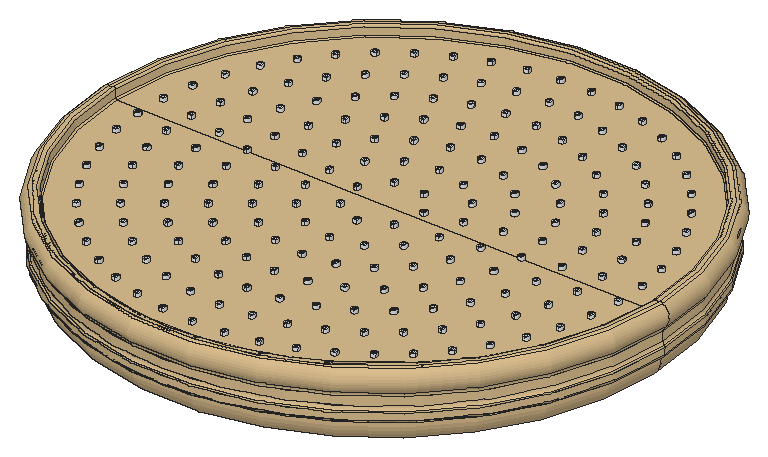
Revit family "Shower-Showerhead-KOHLER-KATALYST-K-15993T_1", category Plumbing Fixtures, host Face, Revit 2017
Family settings
  Host = Face
  Round Connector Dimension = Use Diameter
  Part Type = Normal
  OmniClass Number = 23.31.17.00
  OmniClass Title = Showers
  Cut with Voids When Loaded = No
  Shared = No
  Room Calculation Point = No
Parameters (values of type "PGD-Eternal Gold")
  Width = 12 111/256"  # constant formula
  WaterSense Certified = 1 = 0  # no
  Waste Water Outlet = "Waste Water Outlet"  # constant formula
  Waste Connection = 1 = 0  # no
  Vent Connection = 1 = 0  # no
  URL = "http://www.kohler.com.cn/"
  Type = 1
  Product Page URL = "https://www.kohler.com.cn/product/K-15993T-CL-CP/K-15993T-CL-PGD/"
  Product Name = "Katalyst"  # constant formula
  Product Documentation Link = "https://files.kohler.com.cn/pdfs/15994T.pdf"
  Pressure = 72.50 psi  # constant formula
  Model = if(Type = 1, "K-15993T-CL-PGD", if(Type = 2, "K-15993T-CL-SN", if(Type = 3, "K-15993T-CL-BN", if(Type = 4, "K-15993T-CL-AF", if(Type = 5, "K-15993T-CL-CP", "NA")))))  # "K-15993T-CL-PGD"
  Material = "Premium Metal Construction"  # constant formula
  Master Format 2014 Name = "Residential Showers"  # constant formula
  Master Format 2014 = "22 42 23"  # constant formula
  Manufacturer Address = "Kohler Beijing Office (100016) 36-2-03-B, No. 88, Liuxiang Road, Beijing"  # constant formula
  Manufacturer = "KOHLER Co."  # constant formula
  Length = 12 111/256"  # constant formula
  Hot Water Inlet = "Tempered Water Inlet"  # constant formula
  Height = 3 119/256"  # constant formula
  HW Connection = 1 = 1  # yes
  Flow Rate = 0 GPM
  Finish = Kohler-Metal-PGD-Eternal_Gold
  Environmental Product Declaration = ""
  Drain Included = 1 = 0  # no
  Description = "Air Showerhead Rain Shower 12 inch"  # constant formula
  Default Elevation = 0"
  Declare Label = ""
  Date Modified = "09/28/2020"  # constant formula
  Date Created = "09/28/2020"  # constant formula
  Copyright = "Copyright KOHLER Co."  # constant formula
  Contact Us = "http://www.kohler.com.cn/contact/contact-us/"
  Cold Water Inlet = "Cold Water Inlet"  # constant formula
  CW Connection = 1 = 0  # no
  Assembly Code = "D2010700"
  ADA Compliant = 1 = 0  # no
Reference planes (in)
  plane 1 "Center (Front/Back)": y = 0
  plane 2: z = 0
  plane 3 "Center (Left/Right)": x = 0
  plane 4: z = 3.46484
  plane 5: y = 6.21654
  plane 6: y = -6.21706
  plane 7: x = -6.21706
  plane 8: x = 6.21654
Dimensions and locks (in)
  "Height": level to plane 4
  "Length": plane 7 to plane 8
  "Width": plane 5 to plane 6
  aligned and locked: plane 2 to host face
  aligned and locked: level to host face
Automatic sketch dimensions
  host sketch curve to host sketch curve = 96"  (x2)
Nested families (in)
  nested 1: "K-15993T" at (0, 0, 0), type "K-15993T"
Connectors (in)
  piping at (0, 0, 0), diameter 0.5, driven by "Pressure", driven by "HW Connection", driven by "Hot Water Inlet"
    settings: on nested 1, index 1, connector inside diameter 24", connector length 0", flow factor 0, pipe flow 0 GPM, pressure drop 72.50 psi, fitting loss kfactor 0, connector angle 0.00°, fixture units 0, engagement length 0", angle of deflection 0.00°, flow configuration 0, flow direction 1, fitting loss method 4, system type 19, joint type 0, gender type 0, connector reference index -1, connector utility 1, adjustable connector no, is connector primary yes, connector description "Tempered Water Inlet"
Definition of nested family "K-15993T"
  Parameters (values of type "K-15993T")
    Material = none
  Reference planes (in)
    plane 1 "Center (Front/Back)": y = 0
    plane 2: z = 0
    plane 3 "Center (Left/Right)": x = 0
    plane 4: z = 3.46457
    plane 5: x = -6.21654
    plane 6: x = 6.21654
    plane 7: y = -6.21654
    plane 8: y = 6.21654
  Forms (in)
    Revolve 1, solid, material <- "Material", detail levels medium+fine
      sketch origin (0, 0, 0) x (1, 0, 0) y (0, 0, 1)
        loop
          arc (-6.0235, 3.46457) -> (-6.05309, 3.46043) -> (-6.08041, 3.44833) r 0.10786
          arc (-6.08041, 3.44833) -> (-6.21654, 3.22244) -> (-6.11312, 2.97983) r 0.28967
          arc (-6.11312, 2.97983) -> (-6.08702, 2.94597) -> (-6.07774, 2.90425) r 0.09842
          line (-6.07774, 2.90425) -> (-6.07774, 2.71266)
          arc (-6.07774, 2.71266) -> (-6.08768, 2.66486) -> (-6.11586, 2.62499) r 0.11988
          arc (-6.11586, 2.62499) -> (-6.12483, 2.6123) -> (-6.128, 2.59708) r 0.03816
          line (-6.128, 2.59708) -> (-6.128, 2.45395)
          arc (-6.128, 2.45395) -> (-6.11679, 2.42689) -> (-6.08973, 2.41568) r 0.03827
          line (-6.08973, 2.41568) -> (-6.05801, 2.41568) -> (-6.05801, 2.38204)
          arc (-6.05801, 2.38204) -> (-5.93382, 2.04931) -> (-5.62198, 1.87933) r 0.50781
          line (-5.62198, 1.87933) -> (-1.2973, 1.26181)
          arc (-1.2973, 1.26181) -> (-1.09473, 1.20742) -> (-0.911, 1.10627) r 0.87254
          line (-0.911, 1.10627) -> (-0.49943, 1.10627)
          arc (-0.49943, 1.10627) -> (-0.43577, 0.97626) -> (-0.33654, 0.87087) r 0.48455
          arc (-0.33654, 0.87087) -> (-0.31003, 0.80612) -> (-0.35206, 0.75019) r 0.07083
          arc (-0.35206, 0.75019) -> (-0.42759, 0.7) -> (-0.48112, 0.62679) r 0.25817
          arc (-0.48112, 0.62679) -> (-0.4923, 0.59527) -> (-0.49609, 0.56205) r 0.14742
          line (-0.49609, 0.56205) -> (-0.49609, 0.02036)
          arc (-0.49609, 0.02036) -> (-0.49013, 0.00596) -> (-0.47574, 0) r 0.02036
          line (-0.47574, 0) -> (-0.43476, 0) -> (-0.38066, 0.05411) -> (-0.38066, 0.41689) -> (0, 0.41689) -> (0, 3.24281) -> (-5.85373, 3.24281)
          arc (-5.85373, 3.24281) -> (-5.87306, 3.25069) -> (-5.88137, 3.26984) r 0.02765
          line (-5.88137, 3.26984) -> (-5.88476, 3.42155)
          arc (-5.88476, 3.42155) -> (-5.89799, 3.45203) -> (-5.92875, 3.46457) r 0.044
          line (-5.92875, 3.46457) -> (-6.0235, 3.46457)
        axis (0, 3.46457) -> (0, 0)
      angle from 0 to 360
    Extrusion 2, solid, material <- "Material", detail levels medium+fine
      sketch origin (-0.15625, 0, 0) x (1, 0, 0) y (0, 1, 0)
        loop
          arc (1.01321, 0.275) -> (0.93567, 0.45) -> (0.82289, 0.60465) r 0.9
          line (0.82289, 0.60465) -> (0.34657, 0.87965)
          arc (0.34657, 0.87965) -> (0.15625, 0.9) -> (-0.03407, 0.87965) r 0.9
          line (-0.03407, 0.87965) -> (-0.51039, 0.60465)
          arc (-0.51039, 0.60465) -> (-0.62317, 0.45) -> (-0.70071, 0.275) r 0.9
          line (-0.70071, 0.275) -> (-0.70071, -0.275)
          arc (-0.70071, -0.275) -> (-0.62317, -0.45) -> (-0.51039, -0.60465) r 0.9
          line (-0.51039, -0.60465) -> (-0.03407, -0.87965)
          arc (-0.03407, -0.87965) -> (0.15625, -0.9) -> (0.34657, -0.87965) r 0.9
          line (0.34657, -0.87965) -> (0.82289, -0.60465)
          arc (0.82289, -0.60465) -> (0.93567, -0.45) -> (1.01321, -0.275) r 0.9
          line (1.01321, -0.275) -> (1.01321, 0.275)
      from 0.97627 to 1.10627
    Extrusion 3, solid, detail levels medium+fine
      sketch origin (-15, 0, 0) x (1, 0, 0) y (0, 1, 0)
        loop
          circle (14.67433, 0.67589) r 0.06192
        loop
          circle (14.67433, 0.67589) r 0.0308
        loop
          circle (15.32538, 0.67603) r 0.06192
        loop
          circle (15.32538, 0.67603) r 0.0308
        loop
          circle (14.26852, 0.16679) r 0.06192
        loop
          circle (14.26852, 0.16679) r 0.0308
        loop
          circle (15.73141, 0.16711) r 0.06192
        loop
          circle (15.73141, 0.16711) r 0.0308
        loop
          circle (14.41353, -0.4679) r 0.06192
        loop
          circle (14.41353, -0.4679) r 0.0308
        loop
          circle (15.00016, -0.75026) r 0.06192
        loop
          circle (15.00016, -0.75026) r 0.0308
        loop
          circle (15.58668, -0.46765) r 0.06192
        loop
          circle (15.58668, -0.46765) r 0.0308
        loop
          circle (13.82716, 0.93531) r 0.06192
        loop
          circle (13.82716, 0.93531) r 0.0308
        loop
          circle (14.34912, 1.35156) r 0.06192
        loop
          circle (14.34912, 1.35156) r 0.0308
        loop
          circle (15, 1.50012) r 0.06192
        loop
          circle (15, 1.50012) r 0.0308
        loop
          circle (13.53749, 0.33381) r 0.06192
        loop
          circle (13.53749, 0.33381) r 0.0308
        loop
          circle (13.53749, -0.33381) r 0.06192
        loop
          circle (13.53749, -0.33381) r 0.0308
        loop
          circle (13.82716, -0.93531) r 0.06192
        loop
          circle (13.82716, -0.93531) r 0.0308
        loop
          circle (14.34912, -1.35156) r 0.06192
        loop
          circle (14.34912, -1.35156) r 0.0308
        loop
          circle (15, -1.50012) r 0.06192
        loop
          circle (15, -1.50012) r 0.0308
        loop
          circle (16.17326, 0.93531) r 0.06192
        loop
          circle (16.17326, 0.93531) r 0.0308
        loop
          circle (15.6513, 1.35156) r 0.06192
        loop
          circle (15.6513, 1.35156) r 0.0308
        loop
          circle (16.46293, 0.33381) r 0.06192
        loop
          circle (16.46293, 0.33381) r 0.0308
        loop
          circle (16.46293, -0.33381) r 0.06192
        loop
          circle (16.46293, -0.33381) r 0.0308
        loop
          circle (16.17326, -0.93531) r 0.06192
        loop
          circle (16.17326, -0.93531) r 0.0308
        loop
          circle (15.6513, -1.35156) r 0.06192
        loop
          circle (15.6513, -1.35156) r 0.0308
        loop
          circle (15.00021, -2.25017) r 0.06192
        loop
          circle (15.00021, -2.25017) r 0.0308
        loop
          circle (14.33695, -2.15026) r 0.06192
        loop
          circle (14.33695, -2.15026) r 0.0308
        loop
          circle (13.73261, -1.8593) r 0.06192
        loop
          circle (13.73261, -1.8593) r 0.0308
        loop
          circle (13.24088, -1.40312) r 0.06192
        loop
          circle (13.24088, -1.40312) r 0.0308
        loop
          circle (12.90546, -0.82228) r 0.06192
        loop
          circle (12.90546, -0.82228) r 0.0308
        loop
          circle (12.75614, -0.16837) r 0.06192
        loop
          circle (12.75614, -0.16837) r 0.0308
        loop
          circle (12.8062, 0.50049) r 0.06192
        loop
          circle (12.8062, 0.50049) r 0.0308
        loop
          circle (13.05119, 1.12489) r 0.06192
        loop
          circle (13.05119, 1.12489) r 0.0308
        loop
          circle (13.46933, 1.64933) r 0.06192
        loop
          circle (13.46933, 1.64933) r 0.0308
        loop
          circle (14.02348, 2.02723) r 0.06192
        loop
          circle (14.02348, 2.02723) r 0.0308
        loop
          circle (14.6644, 2.225) r 0.06192
        loop
          circle (14.6644, 2.225) r 0.0308
        loop
          circle (15.66305, -2.15026) r 0.06192
        loop
          circle (15.66305, -2.15026) r 0.0308
        loop
          circle (16.26739, -1.8593) r 0.06192
        loop
          circle (16.26739, -1.8593) r 0.0308
        loop
          circle (16.75912, -1.40312) r 0.06192
        loop
          circle (16.75912, -1.40312) r 0.0308
        loop
          circle (17.09454, -0.82228) r 0.06192
        loop
          circle (17.09454, -0.82228) r 0.0308
        loop
          circle (17.24386, -0.16837) r 0.06192
        loop
          circle (17.24386, -0.16837) r 0.0308
        loop
          circle (17.1938, 0.50049) r 0.06192
        loop
          circle (17.1938, 0.50049) r 0.0308
        loop
          circle (16.94881, 1.12489) r 0.06192
        loop
          circle (16.94881, 1.12489) r 0.0308
        loop
          circle (16.53067, 1.64933) r 0.06192
        loop
          circle (16.53067, 1.64933) r 0.0308
        loop
          circle (15.97652, 2.02723) r 0.06192
        loop
          circle (15.97652, 2.02723) r 0.0308
        loop
          circle (15.3356, 2.225) r 0.06192
        loop
          circle (15.3356, 2.225) r 0.0308
        loop
          circle (15, -3.00024) r 0.06192
        loop
          circle (15, -3.00024) r 0.0308
        loop
          circle (14.33239, -2.92502) r 0.06192
        loop
          circle (14.33239, -2.92502) r 0.0308
        loop
          circle (13.69826, -2.70313) r 0.06192
        loop
          circle (13.69826, -2.70313) r 0.0308
        loop
          circle (13.1294, -2.3457) r 0.06192
        loop
          circle (13.1294, -2.3457) r 0.0308
        loop
          circle (12.65434, -1.87064) r 0.06192
        loop
          circle (12.65434, -1.87064) r 0.0308
        loop
          circle (12.29689, -1.30179) r 0.06192
        loop
          circle (12.29689, -1.30179) r 0.0308
        loop
          circle (12.07499, -0.66766) r 0.06192
        loop
          circle (12.07499, -0.66766) r 0.0308
        loop
          circle (11.99976, 0.00005) r 0.06192
        loop
          circle (11.99976, 0.00005) r 0.0308
        loop
          circle (12.07499, 0.66766) r 0.06192
        loop
          circle (12.07499, 0.66766) r 0.0308
        loop
          circle (12.29689, 1.30179) r 0.06192
        loop
          circle (12.29689, 1.30179) r 0.0308
        loop
          circle (12.65434, 1.87064) r 0.06192
        loop
          circle (12.65434, 1.87064) r 0.0308
        loop
          circle (13.1294, 2.3457) r 0.06192
        loop
          circle (13.1294, 2.3457) r 0.0308
        loop
          circle (13.69826, 2.70313) r 0.06192
        loop
          circle (13.69826, 2.70313) r 0.0308
        loop
          circle (14.33239, 2.92502) r 0.06192
        loop
          circle (14.33239, 2.92502) r 0.0308
        loop
          circle (15, 3.00024) r 0.06192
        loop
          circle (15, 3.00024) r 0.0308
        loop
          circle (15.66647, -2.92502) r 0.06192
        loop
          circle (15.66647, -2.92502) r 0.0308
        loop
          circle (16.3006, -2.70313) r 0.06192
        loop
          circle (16.3006, -2.70313) r 0.0308
        loop
          circle (16.86946, -2.3457) r 0.06192
        loop
          circle (16.86946, -2.3457) r 0.0308
        loop
          circle (17.34452, -1.87064) r 0.06192
        loop
          circle (17.34452, -1.87064) r 0.0308
        loop
          circle (17.70197, -1.30179) r 0.06192
        loop
          circle (17.70197, -1.30179) r 0.0308
        loop
          circle (17.92387, -0.66766) r 0.06192
        loop
          circle (17.92387, -0.66766) r 0.0308
        loop
          circle (17.9991, 0.00005) r 0.06192
        loop
          circle (17.9991, 0.00005) r 0.0308
        loop
          circle (17.92387, 0.66766) r 0.06192
        loop
          circle (17.92387, 0.66766) r 0.0308
        loop
          circle (17.70197, 1.30179) r 0.06192
        loop
          circle (17.70197, 1.30179) r 0.0308
        loop
          circle (17.34452, 1.87064) r 0.06192
        loop
          circle (17.34452, 1.87064) r 0.0308
        loop
          circle (16.86946, 2.3457) r 0.06192
        loop
          circle (16.86946, 2.3457) r 0.0308
        loop
          circle (16.3006, 2.70313) r 0.06192
        loop
          circle (16.3006, 2.70313) r 0.0308
        loop
          circle (15.66647, 2.92502) r 0.06192
        loop
          circle (15.66647, 2.92502) r 0.0308
        loop
          circle (14.99943, -3.75115) r 0.06192
        loop
          circle (14.99943, -3.75115) r 0.0308
        loop
          circle (14.32969, -3.69078) r 0.06192
        loop
          circle (14.32969, -3.69078) r 0.0308
        loop
          circle (13.68149, -3.51179) r 0.06192
        loop
          circle (13.68149, -3.51179) r 0.0308
        loop
          circle (13.07567, -3.21995) r 0.06192
        loop
          circle (13.07567, -3.21995) r 0.0308
        loop
          circle (12.53168, -2.82464) r 0.06192
        loop
          circle (12.53168, -2.82464) r 0.0308
        loop
          circle (12.06702, -2.33854) r 0.06192
        loop
          circle (12.06702, -2.33854) r 0.0308
        loop
          circle (11.69661, -1.7773) r 0.06192
        loop
          circle (11.69661, -1.7773) r 0.0308
        loop
          circle (11.43237, -1.15894) r 0.06192
        loop
          circle (11.43237, -1.15894) r 0.0308
        loop
          circle (11.28277, -0.50334) r 0.06192
        loop
          circle (11.28277, -0.50334) r 0.0308
        loop
          circle (11.25263, 0.16844) r 0.06192
        loop
          circle (11.25263, 0.16844) r 0.0308
        loop
          circle (11.34292, 0.83481) r 0.06192
        loop
          circle (11.34292, 0.83481) r 0.0308
        loop
          circle (11.55073, 1.47435) r 0.06192
        loop
          circle (11.55073, 1.47435) r 0.0308
        loop
          circle (11.86939, 2.06651) r 0.06192
        loop
          circle (11.86939, 2.06651) r 0.0308
        loop
          circle (12.28866, 2.59225) r 0.06192
        loop
          circle (12.28866, 2.59225) r 0.0308
        loop
          circle (12.79506, 3.0347) r 0.06192
        loop
          circle (12.79506, 3.0347) r 0.0308
        loop
          circle (13.37232, 3.37962) r 0.06192
        loop
          circle (13.37232, 3.37962) r 0.0308
        loop
          circle (14.00188, 3.61593) r 0.06192
        loop
          circle (14.00188, 3.61593) r 0.0308
        loop
          circle (14.66352, 3.73603) r 0.06192
        loop
          circle (14.66352, 3.73603) r 0.0308
        loop
          circle (15.33598, 3.73608) r 0.06192
        loop
          circle (15.33598, 3.73608) r 0.0308
        loop
          circle (15.99764, 3.61606) r 0.06192
        loop
          circle (15.99764, 3.61606) r 0.0308
        loop
          circle (16.62724, 3.37983) r 0.06192
        loop
          circle (16.62724, 3.37983) r 0.0308
        loop
          circle (17.20454, 3.03499) r 0.06192
        loop
          circle (17.20454, 3.03499) r 0.0308
        loop
          circle (17.711, 2.59261) r 0.06192
        loop
          circle (17.711, 2.59261) r 0.0308
        loop
          circle (18.13033, 2.06692) r 0.06192
        loop
          circle (18.13033, 2.06692) r 0.0308
        loop
          circle (18.44907, 1.47481) r 0.06192
        loop
          circle (18.44907, 1.47481) r 0.0308
        loop
          circle (18.65697, 0.83529) r 0.06192
        loop
          circle (18.65697, 0.83529) r 0.0308
        loop
          circle (18.74735, 0.16894) r 0.06192
        loop
          circle (18.74735, 0.16894) r 0.0308
        loop
          circle (18.7173, -0.50284) r 0.06192
        loop
          circle (18.7173, -0.50284) r 0.0308
        loop
          circle (18.56779, -1.15847) r 0.06192
        loop
          circle (18.56779, -1.15847) r 0.0308
        loop
          circle (18.30362, -1.77686) r 0.06192
        loop
          circle (18.30362, -1.77686) r 0.0308
        loop
          circle (17.93329, -2.33815) r 0.06192
        loop
          circle (17.93329, -2.33815) r 0.0308
        loop
          circle (17.46869, -2.82431) r 0.06192
        loop
          circle (17.46869, -2.82431) r 0.0308
        loop
          circle (16.92476, -3.2197) r 0.06192
        loop
          circle (16.92476, -3.2197) r 0.0308
        loop
          circle (16.31744, -3.51219) r 0.06192
        loop
          circle (16.31744, -3.51219) r 0.0308
        loop
          circle (15.66919, -3.69098) r 0.06192
        loop
          circle (15.66919, -3.69098) r 0.0308
        loop
          circle (15.67074, -4.4501) r 0.06192
        loop
          circle (15.67074, -4.4501) r 0.0308
        loop
          circle (15, -4.50036) r 0.06192
        loop
          circle (15, -4.50036) r 0.0308
        loop
          circle (14.32926, -4.4501) r 0.06192
        loop
          circle (14.32926, -4.4501) r 0.0308
        loop
          circle (13.6735, -4.30042) r 0.06192
        loop
          circle (13.6735, -4.30042) r 0.0308
        loop
          circle (13.04737, -4.05469) r 0.06192
        loop
          circle (13.04737, -4.05469) r 0.0308
        loop
          circle (12.46486, -3.71838) r 0.06192
        loop
          circle (12.46486, -3.71838) r 0.0308
        loop
          circle (11.93899, -3.29901) r 0.06192
        loop
          circle (11.93899, -3.29901) r 0.0308
        loop
          circle (11.48148, -2.80594) r 0.06192
        loop
          circle (11.48148, -2.80594) r 0.0308
        loop
          circle (11.10258, -2.25019) r 0.06192
        loop
          circle (11.10258, -2.25019) r 0.0308
        loop
          circle (10.81074, -1.64418) r 0.06192
        loop
          circle (10.81074, -1.64418) r 0.0308
        loop
          circle (10.61248, -1.00144) r 0.06192
        loop
          circle (10.61248, -1.00144) r 0.0308
        loop
          circle (10.51223, -0.33633) r 0.06192
        loop
          circle (10.51223, -0.33633) r 0.0308
        loop
          circle (10.51222, 0.33629) r 0.06192
        loop
          circle (10.51222, 0.33629) r 0.0308
        loop
          circle (10.61247, 1.0014) r 0.06192
        loop
          circle (10.61247, 1.0014) r 0.0308
        loop
          circle (10.81072, 1.64414) r 0.06192
        loop
          circle (10.81072, 1.64414) r 0.0308
        loop
          circle (11.10256, 2.25015) r 0.06192
        loop
          circle (11.10256, 2.25015) r 0.0308
        loop
          circle (11.48146, 2.8059) r 0.06192
        loop
          circle (11.48146, 2.8059) r 0.0308
        loop
          circle (11.93895, 3.29897) r 0.06192
        loop
          circle (11.93895, 3.29897) r 0.0308
        loop
          circle (12.46483, 3.71835) r 0.06192
        loop
          circle (12.46483, 3.71835) r 0.0308
        loop
          circle (13.04733, 4.05467) r 0.06192
        loop
          circle (13.04733, 4.05467) r 0.0308
        loop
          circle (13.67345, 4.30041) r 0.06192
        loop
          circle (13.67345, 4.30041) r 0.0308
        loop
          circle (14.32921, 4.45009) r 0.06192
        loop
          circle (14.32921, 4.45009) r 0.0308
        loop
          circle (14.99995, 4.50036) r 0.06192
        loop
          circle (14.99995, 4.50036) r 0.0308
        loop
          circle (15.6707, 4.4501) r 0.06192
        loop
          circle (15.6707, 4.4501) r 0.0308
        loop
          circle (16.32646, 4.30044) r 0.06192
        loop
          circle (16.32646, 4.30044) r 0.0308
        loop
          circle (16.95258, 4.05471) r 0.06192
        loop
          circle (16.95258, 4.05471) r 0.0308
        loop
          circle (17.5351, 3.7184) r 0.06192
        loop
          circle (17.5351, 3.7184) r 0.0308
        loop
          circle (18.06098, 3.29904) r 0.06192
        loop
          circle (18.06098, 3.29904) r 0.0308
        loop
          circle (18.51849, 2.80598) r 0.06192
        loop
          circle (18.51849, 2.80598) r 0.0308
        loop
          circle (18.8974, 2.25023) r 0.06192
        loop
          circle (18.8974, 2.25023) r 0.0308
        loop
          circle (19.18924, 1.64423) r 0.06192
        loop
          circle (19.18924, 1.64423) r 0.0308
        loop
          circle (19.38751, 1.00149) r 0.06192
        loop
          circle (19.38751, 1.00149) r 0.0308
        loop
          circle (19.48777, 0.33638) r 0.06192
        loop
          circle (19.48777, 0.33638) r 0.0308
        loop
          circle (19.48778, -0.33629) r 0.06192
        loop
          circle (19.48778, -0.33629) r 0.0308
        loop
          circle (19.38753, -1.0014) r 0.06192
        loop
          circle (19.38753, -1.0014) r 0.0308
        loop
          circle (19.18928, -1.64414) r 0.06192
        loop
          circle (19.18928, -1.64414) r 0.0308
        loop
          circle (18.89744, -2.25015) r 0.06192
        loop
          circle (18.89744, -2.25015) r 0.0308
        loop
          circle (18.51854, -2.8059) r 0.06192
        loop
          circle (18.51854, -2.8059) r 0.0308
        loop
          circle (18.06105, -3.29897) r 0.06192
        loop
          circle (18.06105, -3.29897) r 0.0308
        loop
          circle (17.53517, -3.71835) r 0.06192
        loop
          circle (17.53517, -3.71835) r 0.0308
        loop
          circle (16.95267, -4.05467) r 0.06192
        loop
          circle (16.95267, -4.05467) r 0.0308
        loop
          circle (16.3265, -4.30042) r 0.06192
        loop
          circle (16.3265, -4.30042) r 0.0308
        loop
          circle (15.67149, -5.20913) r 0.06192
        loop
          circle (15.67149, -5.20913) r 0.0308
        loop
          circle (15.00015, -5.25223) r 0.06192
        loop
          circle (15.00015, -5.25223) r 0.0308
        loop
          circle (14.32851, -5.20913) r 0.06192
        loop
          circle (14.32851, -5.20913) r 0.0308
        loop
          circle (13.66788, -5.08049) r 0.06192
        loop
          circle (13.66788, -5.08049) r 0.0308
        loop
          circle (13.02914, -4.86843) r 0.06192
        loop
          circle (13.02914, -4.86843) r 0.0308
        loop
          circle (12.42275, -4.57643) r 0.06192
        loop
          circle (12.42275, -4.57643) r 0.0308
        loop
          circle (11.85869, -4.20928) r 0.06192
        loop
          circle (11.85869, -4.20928) r 0.0308
        loop
          circle (11.34642, -3.77323) r 0.06192
        loop
          circle (11.34642, -3.77323) r 0.0308
        loop
          circle (10.8939, -3.27504) r 0.06192
        loop
          circle (10.8939, -3.27504) r 0.0308
        loop
          circle (10.50881, -2.72307) r 0.06192
        loop
          circle (10.50881, -2.72307) r 0.0308
        loop
          circle (10.19746, -2.12639) r 0.06192
        loop
          circle (10.19746, -2.12639) r 0.0308
        loop
          circle (9.96497, -1.49479) r 0.06192
        loop
          circle (9.96497, -1.49479) r 0.0308
        loop
          circle (9.81516, -0.83864) r 0.06192
        loop
          circle (9.81516, -0.83864) r 0.0308
        loop
          circle (9.75049, -0.16904) r 0.06192
        loop
          circle (9.75049, -0.16904) r 0.0308
        loop
          circle (9.77197, 0.50365) r 0.06192
        loop
          circle (9.77197, 0.50365) r 0.0308
        loop
          circle (9.8793, 1.16807) r 0.06192
        loop
          circle (9.8793, 1.16807) r 0.0308
        loop
          circle (10.07071, 1.8133) r 0.06192
        loop
          circle (10.07071, 1.8133) r 0.0308
        loop
          circle (10.34307, 2.42876) r 0.06192
        loop
          circle (10.34307, 2.42876) r 0.0308
        loop
          circle (10.69189, 3.00434) r 0.06192
        loop
          circle (10.69189, 3.00434) r 0.0308
        loop
          circle (11.11165, 3.53082) r 0.06192
        loop
          circle (11.11165, 3.53082) r 0.0308
        loop
          circle (11.59509, 3.99906) r 0.06192
        loop
          circle (11.59509, 3.99906) r 0.0308
        loop
          circle (12.13444, 4.40164) r 0.06192
        loop
          circle (12.13444, 4.40164) r 0.0308
        loop
          circle (12.72084, 4.73195) r 0.06192
        loop
          circle (12.72084, 4.73195) r 0.0308
        loop
          circle (13.34466, 4.98455) r 0.06192
        loop
          circle (13.34466, 4.98455) r 0.0308
        loop
          circle (13.99567, 5.15531) r 0.06192
        loop
          circle (13.99567, 5.15531) r 0.0308
        loop
          circle (14.66286, 5.2414) r 0.06192
        loop
          circle (14.66286, 5.2414) r 0.0308
        loop
          circle (15.33589, 5.24148) r 0.06192
        loop
          circle (15.33589, 5.24148) r 0.0308
        loop
          circle (16.00341, 5.15549) r 0.06192
        loop
          circle (16.00341, 5.15549) r 0.0308
        loop
          circle (16.65444, 4.98485) r 0.06192
        loop
          circle (16.65444, 4.98485) r 0.0308
        loop
          circle (17.27831, 4.73236) r 0.06192
        loop
          circle (17.27831, 4.73236) r 0.0308
        loop
          circle (17.86477, 4.40216) r 0.06192
        loop
          circle (17.86477, 4.40216) r 0.0308
        loop
          circle (18.40442, 3.99948) r 0.06192
        loop
          circle (18.40442, 3.99948) r 0.0308
        loop
          circle (18.88792, 3.53129) r 0.06192
        loop
          circle (18.88792, 3.53129) r 0.0308
        loop
          circle (19.30757, 3.00511) r 0.06192
        loop
          circle (19.30757, 3.00511) r 0.0308
        loop
          circle (19.6565, 2.4296) r 0.06192
        loop
          circle (19.6565, 2.4296) r 0.0308
        loop
          circle (19.92896, 1.81419) r 0.06192
        loop
          circle (19.92896, 1.81419) r 0.0308
        loop
          circle (20.12049, 1.16898) r 0.06192
        loop
          circle (20.12049, 1.16898) r 0.0308
        loop
          circle (20.22791, 0.50489) r 0.06192
        loop
          circle (20.22791, 0.50489) r 0.0308
        loop
          circle (20.24955, -0.16779) r 0.06192
        loop
          circle (20.24955, -0.16779) r 0.0308
        loop
          circle (20.18499, -0.83771) r 0.06192
        loop
          circle (20.18499, -0.83771) r 0.0308
        loop
          circle (20.0353, -1.49388) r 0.06192
        loop
          circle (20.0353, -1.49388) r 0.0308
        loop
          circle (19.80292, -2.12552) r 0.06192
        loop
          circle (19.80292, -2.12552) r 0.0308
        loop
          circle (19.49168, -2.72226) r 0.06192
        loop
          circle (19.49168, -2.72226) r 0.0308
        loop
          circle (19.1065, -3.27454) r 0.06192
        loop
          circle (19.1065, -3.27454) r 0.0308
        loop
          circle (18.65404, -3.77279) r 0.06192
        loop
          circle (18.65404, -3.77279) r 0.0308
        loop
          circle (18.14158, -4.20908) r 0.06192
        loop
          circle (18.14158, -4.20908) r 0.0308
        loop
          circle (17.57754, -4.57627) r 0.06192
        loop
          circle (17.57754, -4.57627) r 0.0308
        loop
          circle (16.97117, -4.86831) r 0.06192
        loop
          circle (16.97117, -4.86831) r 0.0308
        loop
          circle (16.33244, -5.08041) r 0.06192
        loop
          circle (16.33244, -5.08041) r 0.0308
      from 3.24281 to 3.30177
    Extrusion 4, void
      sketch origin (0, 0, 0) x (1, 0, 0) y (0, 0, 1)
        loop
          arc (0.44344, 0.18738) -> (0.44715, 0.17095) -> (0.45758, 0.15773) r 0.03815
          line (0.45758, 0.15773) -> (0.51217, 0.11352) -> (0.51217, 0.65692)
          arc (0.51217, 0.65692) -> (0.49884, 0.6802) -> (0.47202, 0.6805) r 0.027
          arc (0.47202, 0.6805) -> (0.45489, 0.66437) -> (0.44744, 0.64206) r 0.04821
          arc (0.44744, 0.64206) -> (0.44444, 0.58944) -> (0.44344, 0.53674) r 1.38794
          line (0.44344, 0.53674) -> (0.44344, 0.18738)
        loop
          line (-0.44344, 0.18738) -> (-0.44344, 0.53674)
          arc (-0.44344, 0.53674) -> (-0.44444, 0.58944) -> (-0.44744, 0.64206) r 1.38794
          arc (-0.44744, 0.64206) -> (-0.45489, 0.66437) -> (-0.47202, 0.6805) r 0.04821
          arc (-0.47202, 0.6805) -> (-0.49884, 0.6802) -> (-0.51217, 0.65692) r 0.027
          line (-0.51217, 0.65692) -> (-0.51217, 0.11352) -> (-0.45758, 0.15773)
          arc (-0.45758, 0.15773) -> (-0.44715, 0.17095) -> (-0.44344, 0.18738) r 0.03815
      from 0.5 to -0.5
    Revolve 5, solid, material <- "Material", detail levels coarse
      sketch origin (0, 0, 6) x (1, 0, 0) y (0, 0, 1)
        loop
          line (-6.21654, -2.53543) -> (-6.21654, -4.03577) -> (-0.911, -4.79335) -> (-0.911, -5.02373) -> (-0.49609, -5.02373) -> (-0.49609, -6) -> (0, -6) -> (0, -2.53543) -> (-6.21654, -2.53543)
        axis (0, -2.53543) -> (0, -6)
      angle from 0 to 360
  Cuts and joins
    Extrusion 4 cuts Revolve 1
    Extrusion 4 cuts Extrusion 2
    joined: Revolve 1, Extrusion 2
  Lines and regions (in)
    Masking region 1
      outline origin (0, 0, 0) x (0, 1, 0) y (0, 0, 1)
        loop
          arc (0.47574, 0) -> (0.49013, 0.00596) -> (0.49609, 0.02036) r 0.02036
          line (0.49609, 0.02036) -> (0.49609, 0.56541)
          arc (0.49609, 0.56541) -> (0.4931, 0.59341) -> (0.48425, 0.62013) r 0.13238
          arc (0.48425, 0.62013) -> (0.43024, 0.69744) -> (0.35206, 0.75019) r 0.25817
          arc (0.35206, 0.75019) -> (0.31003, 0.80612) -> (0.33654, 0.87087) r 0.07083
          arc (0.33654, 0.87087) -> (0.39011, 0.91984) -> (0.43577, 0.97627) r 0.48455
          line (0.43577, 0.97627) -> (0.911, 0.97627) -> (0.911, 1.10627)
          arc (0.911, 1.10627) -> (1.09475, 1.20734) -> (1.2973, 1.2617) r 0.87333
          line (1.2973, 1.2617) -> (5.64497, 1.8825)
          arc (5.64497, 1.8825) -> (5.94254, 2.05748) -> (6.05801, 2.38279) r 0.50464
          line (6.05801, 2.38279) -> (6.05801, 2.41557) -> (6.08973, 2.41557)
          arc (6.08973, 2.41557) -> (6.11679, 2.42678) -> (6.128, 2.45384) r 0.03827
          line (6.128, 2.45384) -> (6.128, 2.59697)
          arc (6.128, 2.59697) -> (6.12483, 2.61219) -> (6.11586, 2.62488) r 0.03816
          arc (6.11586, 2.62488) -> (6.08768, 2.66475) -> (6.07774, 2.71255) r 0.11988
          line (6.07774, 2.71255) -> (6.07774, 2.90425)
          arc (6.07774, 2.90425) -> (6.08702, 2.94597) -> (6.11312, 2.97983) r 0.09842
          arc (6.11312, 2.97983) -> (6.21654, 3.22244) -> (6.08041, 3.44833) r 0.28967
          arc (6.08041, 3.44833) -> (6.05309, 3.46043) -> (6.0235, 3.46457) r 0.10786
          line (6.0235, 3.46457) -> (-6.0235, 3.46457)
          arc (-6.0235, 3.46457) -> (-6.05309, 3.46043) -> (-6.08041, 3.44833) r 0.10786
          arc (-6.08041, 3.44833) -> (-6.21654, 3.22244) -> (-6.11312, 2.97983) r 0.28967
          arc (-6.11312, 2.97983) -> (-6.08702, 2.94597) -> (-6.07774, 2.90425) r 0.09842
          line (-6.07774, 2.90425) -> (-6.07774, 2.71255)
          arc (-6.07774, 2.71255) -> (-6.08768, 2.66475) -> (-6.11586, 2.62488) r 0.11988
          arc (-6.11586, 2.62488) -> (-6.12483, 2.61219) -> (-6.128, 2.59697) r 0.03816
          line (-6.128, 2.59697) -> (-6.128, 2.45384)
          arc (-6.128, 2.45384) -> (-6.11679, 2.42678) -> (-6.08973, 2.41557) r 0.03827
          line (-6.08973, 2.41557) -> (-6.05801, 2.41557) -> (-6.05801, 2.38279)
          arc (-6.05801, 2.38279) -> (-5.94254, 2.05748) -> (-5.64497, 1.8825) r 0.50464
          line (-5.64497, 1.8825) -> (-1.2973, 1.2617)
          arc (-1.2973, 1.2617) -> (-1.09475, 1.20734) -> (-0.911, 1.10627) r 0.87333
          line (-0.911, 1.10627) -> (-0.911, 0.97627) -> (-0.43577, 0.97627)
          arc (-0.43577, 0.97627) -> (-0.39011, 0.91984) -> (-0.33654, 0.87087) r 0.48455
          arc (-0.33654, 0.87087) -> (-0.31003, 0.80612) -> (-0.35206, 0.75019) r 0.07083
          arc (-0.35206, 0.75019) -> (-0.43024, 0.69744) -> (-0.48425, 0.62013) r 0.25817
          arc (-0.48425, 0.62013) -> (-0.4931, 0.59341) -> (-0.49609, 0.56541) r 0.13238
          line (-0.49609, 0.56541) -> (-0.49609, 0.02036)
          arc (-0.49609, 0.02036) -> (-0.49013, 0.00596) -> (-0.47574, 0) r 0.02036
          line (-0.47574, 0) -> (0.47574, 0)
    Masking region 2
      outline origin (0, 0, 0) x (1, 0, 0) y (0, 0, 1)
        loop
          line (-0.47574, 0) -> (0.47574, 0)
          arc (0.47574, 0) -> (0.49013, 0.00596) -> (0.49609, 0.02036) r 0.02036
          line (0.49609, 0.02036) -> (0.49609, 0.12654) -> (0.45758, 0.15773)
          arc (0.45758, 0.15773) -> (0.44715, 0.17095) -> (0.44344, 0.18738) r 0.03815
          line (0.44344, 0.18738) -> (0.44344, 0.53674)
          arc (0.44344, 0.53674) -> (0.44575, 0.5937) -> (0.45266, 0.65028) r 0.70352
          arc (0.45266, 0.65028) -> (0.4516, 0.66821) -> (0.44298, 0.68397) r 0.04098
          arc (0.44298, 0.68397) -> (0.40117, 0.72209) -> (0.35206, 0.75019) r 0.25817
          arc (0.35206, 0.75019) -> (0.31003, 0.80612) -> (0.33654, 0.87087) r 0.07083
          arc (0.33654, 0.87087) -> (0.39011, 0.91984) -> (0.43577, 0.97627) r 0.48455
          line (0.43577, 0.97627) -> (0.911, 0.97627) -> (0.911, 1.10638)
          arc (0.911, 1.10638) -> (1.09475, 1.20745) -> (1.2973, 1.26181) r 0.87333
          line (1.2973, 1.26181) -> (5.64497, 1.88261)
          arc (5.64497, 1.88261) -> (5.94254, 2.05759) -> (6.05801, 2.3829) r 0.50464
          line (6.05801, 2.3829) -> (6.05801, 2.41568) -> (6.08973, 2.41568)
          arc (6.08973, 2.41568) -> (6.11679, 2.42689) -> (6.128, 2.45395) r 0.03827
          line (6.128, 2.45395) -> (6.128, 2.59708)
          arc (6.128, 2.59708) -> (6.12483, 2.6123) -> (6.11586, 2.62499) r 0.03816
          arc (6.11586, 2.62499) -> (6.08768, 2.66486) -> (6.07774, 2.71266) r 0.11988
          line (6.07774, 2.71266) -> (6.07774, 2.90425)
          arc (6.07774, 2.90425) -> (6.08702, 2.94597) -> (6.11312, 2.97983) r 0.09842
          arc (6.11312, 2.97983) -> (6.21654, 3.22244) -> (6.08041, 3.44833) r 0.28967
          arc (6.08041, 3.44833) -> (6.05309, 3.46043) -> (6.0235, 3.46457) r 0.10786
          line (6.0235, 3.46457) -> (-6.0235, 3.46457)
          arc (-6.0235, 3.46457) -> (-6.05309, 3.46043) -> (-6.08041, 3.44833) r 0.10786
          arc (-6.08041, 3.44833) -> (-6.21654, 3.22244) -> (-6.11312, 2.97983) r 0.28967
          arc (-6.11312, 2.97983) -> (-6.08702, 2.94597) -> (-6.07774, 2.90425) r 0.09842
          line (-6.07774, 2.90425) -> (-6.07774, 2.71266)
          arc (-6.07774, 2.71266) -> (-6.08768, 2.66486) -> (-6.11586, 2.62499) r 0.11988
          arc (-6.11586, 2.62499) -> (-6.12483, 2.6123) -> (-6.128, 2.59708) r 0.03816
          line (-6.128, 2.59708) -> (-6.128, 2.45395)
          arc (-6.128, 2.45395) -> (-6.11679, 2.42689) -> (-6.08973, 2.41568) r 0.03827
          line (-6.08973, 2.41568) -> (-6.05801, 2.41568) -> (-6.05801, 2.3829)
          arc (-6.05801, 2.3829) -> (-5.94254, 2.05759) -> (-5.64497, 1.88261) r 0.50464
          line (-5.64497, 1.88261) -> (-1.2973, 1.26181)
          arc (-1.2973, 1.26181) -> (-1.09475, 1.20745) -> (-0.911, 1.10638) r 0.87333
          line (-0.911, 1.10638) -> (-0.911, 0.97627) -> (-0.43577, 0.97627)
          arc (-0.43577, 0.97627) -> (-0.39011, 0.91984) -> (-0.33654, 0.87087) r 0.48455
          arc (-0.33654, 0.87087) -> (-0.31003, 0.80612) -> (-0.35206, 0.75019) r 0.07083
          arc (-0.35206, 0.75019) -> (-0.40117, 0.72209) -> (-0.44298, 0.68397) r 0.25817
          arc (-0.44298, 0.68397) -> (-0.4516, 0.66821) -> (-0.45266, 0.65028) r 0.04098
          arc (-0.45266, 0.65028) -> (-0.44575, 0.5937) -> (-0.44344, 0.53674) r 0.70352
          line (-0.44344, 0.53674) -> (-0.44344, 0.18738)
          arc (-0.44344, 0.18738) -> (-0.44715, 0.17095) -> (-0.45758, 0.15773) r 0.03815
          line (-0.45758, 0.15773) -> (-0.49609, 0.12654) -> (-0.49609, 0.02036)
          arc (-0.49609, 0.02036) -> (-0.49013, 0.00596) -> (-0.47574, 0) r 0.02036
    Masking region 3
      outline origin (0, 0, 0) x (1, 0, 0) y (0, 1, 0)
        loop
          circle (0, 0) r 6.21654
    symbolic lines, detail levels medium+fine
      curve 1: line (0, 0.43577, 0.97627) -> (0, -0.43577, 0.97627)
      curve 2: line (0, 0.911, 1.10627) -> (0, -0.911, 1.10627)
      curve 3: line (0, 0.85696, 0.97627) -> (0, 0.85696, 1.10627)
      curve 4: line (0, 0.66664, 0.97627) -> (0, 0.66664, 1.10627)
      curve 5: line (0, 0.19032, 0.97627) -> (0, 0.19032, 1.10627)
      curve 6: line (0, -0.19032, 1.10627) -> (0, -0.19032, 0.97627)
      curve 7: line (0, -0.66664, 0.97627) -> (0, -0.66664, 1.10627)
      curve 8: line (0, -0.85696, 1.10627) -> (0, -0.85696, 0.97627)
      curve 9: spline (0, 0, 0.12654) -> (0, 0.01691, 0.12681) -> (0, 0.03379, 0.12753) -> (0, 0.0506, 0.1287) -> (0, 0.06733, 0.13031) -> (0, 0.08393, 0.13236) -> (0, 0.10038, 0.13484) -> (0, 0.11664, 0.13776) -> (0, 0.1327, 0.14111) -> (0, 0.14852, 0.14488) -> (0, 0.16408, 0.14906) -> (0, 0.17934, 0.15365) -> (0, 0.19429, 0.15865)
      curve 10: spline (0, 0.19429, 0.15865) -> (0, 0.19755, 0.15947) -> (0, 0.20073, 0.16061) -> (0, 0.20379, 0.16205) -> (0, 0.20671, 0.16379) -> (0, 0.20947, 0.16582) -> (0, 0.21203, 0.16811) -> (0, 0.21439, 0.17064) -> (0, 0.21652, 0.1734) -> (0, 0.2184, 0.17636) -> (0, 0.22002, 0.1795) -> (0, 0.22136, 0.18279) -> (0, 0.22242, 0.1862)
      curve 11: line (0, 0.22242, 0.1862) -> (0, 0.22242, 0.55838)
      curve 12: spline (0, 0.22242, 0.55838) -> (0, 0.22168, 0.56513) -> (0, 0.2204, 0.5718) -> (0, 0.21859, 0.57835) -> (0, 0.21627, 0.58473) -> (0, 0.21345, 0.5909) -> (0, 0.21016, 0.59684) -> (0, 0.2064, 0.60249) -> (0, 0.2022, 0.60783) -> (0, 0.19759, 0.61281) -> (0, 0.1926, 0.61742) -> (0, 0.18727, 0.62161) -> (0, 0.18161, 0.62537)
      curve 13: spline (0, 0.18161, 0.62537) -> (0, 0.17936, 0.62691) -> (0, 0.17708, 0.62843) -> (0, 0.17479, 0.62992) -> (0, 0.17248, 0.63138) -> (0, 0.17016, 0.63281) -> (0, 0.16781, 0.63422) -> (0, 0.16545, 0.63559) -> (0, 0.16308, 0.63694) -> (0, 0.16068, 0.63826) -> (0, 0.15827, 0.63956) -> (0, 0.15585, 0.64082) -> (0, 0.15341, 0.64206)
      curve 14: spline (0, 0.15341, 0.64206) -> (0, 0.14116, 0.64625) -> (0, 0.12876, 0.65008) -> (0, 0.11623, 0.65352) -> (0, 0.10359, 0.65659) -> (0, 0.09085, 0.65926) -> (0, 0.07802, 0.66155) -> (0, 0.06512, 0.66344) -> (0, 0.05216, 0.66495) -> (0, 0.03915, 0.66605) -> (0, 0.02611, 0.66676) -> (0, 0.01306, 0.66707) -> (0, 0, 0.66699)
      curve 15: spline (0, 0, 0.12654) -> (0, -0.01691, 0.12681) -> (0, -0.03379, 0.12753) -> (0, -0.0506, 0.1287) -> (0, -0.06733, 0.13031) -> (0, -0.08393, 0.13236) -> (0, -0.10038, 0.13484) -> (0, -0.11664, 0.13776) -> (0, -0.1327, 0.14111) -> (0, -0.14852, 0.14488) -> (0, -0.16408, 0.14906) -> (0, -0.17934, 0.15365) -> (0, -0.19429, 0.15865)
      curve 16: spline (0, -0.19429, 0.15865) -> (0, -0.19755, 0.15947) -> (0, -0.20073, 0.16061) -> (0, -0.20379, 0.16205) -> (0, -0.20671, 0.16379) -> (0, -0.20947, 0.16582) -> (0, -0.21203, 0.16811) -> (0, -0.21439, 0.17064) -> (0, -0.21652, 0.1734) -> (0, -0.2184, 0.17636) -> (0, -0.22002, 0.1795) -> (0, -0.22136, 0.18279) -> (0, -0.22242, 0.1862)
      curve 17: line (0, -0.22242, 0.1862) -> (0, -0.22242, 0.55838)
      curve 18: spline (0, -0.22242, 0.55838) -> (0, -0.22168, 0.56513) -> (0, -0.2204, 0.5718) -> (0, -0.21859, 0.57835) -> (0, -0.21627, 0.58473) -> (0, -0.21345, 0.5909) -> (0, -0.21016, 0.59684) -> (0, -0.2064, 0.60249) -> (0, -0.2022, 0.60783) -> (0, -0.19759, 0.61281) -> (0, -0.1926, 0.61742) -> (0, -0.18727, 0.62161) -> (0, -0.18161, 0.62537)
      curve 19: spline (0, -0.18161, 0.62537) -> (0, -0.17936, 0.62691) -> (0, -0.17708, 0.62843) -> (0, -0.17479, 0.62992) -> (0, -0.17248, 0.63138) -> (0, -0.17016, 0.63281) -> (0, -0.16781, 0.63422) -> (0, -0.16545, 0.63559) -> (0, -0.16308, 0.63694) -> (0, -0.16068, 0.63826) -> (0, -0.15827, 0.63956) -> (0, -0.15585, 0.64082) -> (0, -0.15341, 0.64206)
      curve 20: spline (0, -0.15341, 0.64206) -> (0, -0.14116, 0.64625) -> (0, -0.12876, 0.65008) -> (0, -0.11623, 0.65352) -> (0, -0.10359, 0.65659) -> (0, -0.09085, 0.65926) -> (0, -0.07802, 0.66155) -> (0, -0.06512, 0.66344) -> (0, -0.05216, 0.66495) -> (0, -0.03915, 0.66605) -> (0, -0.02611, 0.66676) -> (0, -0.01306, 0.66707) -> (0, 0, 0.66699)
      curve 21: line (0, 0.33654, 0.87087) -> (0, -0.33654, 0.87087)
      curve 22: line (0, 0.35206, 0.75019) -> (0, -0.35206, 0.75019)
      curve 23: line (0, -1.50067, 1.29074) -> (0, 1.50067, 1.29074)
      curve 24: line (0, -6.05801, 2.41568) -> (0, 6.05801, 2.41568)
      curve 25: line (0, -6.128, 2.59708) -> (0, 6.128, 2.59708)
      curve 26: line (0, 6.128, 2.45395) -> (0, -6.128, 2.45395)
      curve 27: line (0, 6.07774, 2.90425) -> (0, -6.07774, 2.90425)
      curve 28: line (0, 6.07774, 2.71266) -> (0, -6.07774, 2.71266)
      curve 29: line (0, 6.11312, 2.97983) -> (0, -6.11312, 2.97983)
      curve 30: line (-0.43577, 0, 0.97627) -> (0.43577, 0, 0.97627)
      curve 31: line (-0.9, 0, 1.10627) -> (0.9, 0, 1.10627)
      curve 32: line (-0.87965, 0, 1.10627) -> (-0.87965, 0, 0.97627)
      curve 33: line (-0.60465, 0, 0.97627) -> (-0.60465, 0, 1.10627)
      curve 34: line (-0.275, 0, 0.97627) -> (-0.275, 0, 1.10627)
      curve 35: line (0.275, 0, 0.97627) -> (0.275, 0, 1.10627)
      curve 36: line (0.60465, 0, 0.97627) -> (0.60465, 0, 1.10627)
      curve 37: line (0.87965, 0, 0.97627) -> (0.87965, 0, 1.10627)
      curve 38: line (-0.33654, 0, 0.87087) -> (0.33654, 0, 0.87087)
      curve 39: line (-0.35206, 0, 0.75019) -> (0.35206, 0, 0.75019)
      curve 40: line (-1.49989, 0, 1.29074) -> (1.49989, 0, 1.29074)
      curve 41: line (-6.05801, 0, 2.41568) -> (6.05801, 0, 2.41568)
      curve 42: line (-6.128, 0, 2.45395) -> (6.128, 0, 2.45395)
      curve 43: line (-6.128, 0, 2.59708) -> (6.128, 0, 2.59708)
      curve 44: line (-6.07774, 0, 2.71266) -> (6.07774, 0, 2.71266)
      curve 45: line (-6.07774, 0, 2.90425) -> (6.07774, 0, 2.90425)
      curve 46: line (-6.11312, 0, 2.97983) -> (6.11312, 0, 2.97983)
      curve 47: circle (0, 0, 0) r 6.05801 normal (0, 0, 1)
      curve 48: circle (0.00015, -5.25223, 0) r 0.06192 normal (0, 0, 1)
      curve 49: circle (0.00015, -5.25223, 0) r 0.0308 normal (0, 0, 1)
      curve 50: circle (-0.33714, 5.2414, 0) r 0.06192 normal (0, 0, 1)
      curve 51: circle (-0.33714, 5.2414, 0) r 0.0308 normal (0, 0, 1)
      curve 52: circle (-0.67147, -5.20913, 0) r 0.06192 normal (0, 0, 1)
      curve 53: circle (-0.67147, -5.20913, 0) r 0.0308 normal (0, 0, 1)
      curve 54: circle (-1.33207, -5.0805, 0) r 0.06192 normal (0, 0, 1)
      curve 55: circle (-1.33207, -5.0805, 0) r 0.0308 normal (0, 0, 1)
      curve 56: circle (-1.97079, -4.86846, 0) r 0.06192 normal (0, 0, 1)
      curve 57: circle (-1.97079, -4.86846, 0) r 0.0308 normal (0, 0, 1)
      curve 58: circle (-2.57716, -4.57648, 0) r 0.06192 normal (0, 0, 1)
      curve 59: circle (-2.57716, -4.57648, 0) r 0.0308 normal (0, 0, 1)
      curve 60: circle (-3.14121, -4.20936, 0) r 0.06192 normal (0, 0, 1)
      curve 61: circle (-3.14121, -4.20936, 0) r 0.0308 normal (0, 0, 1)
      curve 62: circle (-3.65369, -3.77312, 0) r 0.06192 normal (0, 0, 1)
      curve 63: circle (-3.65369, -3.77312, 0) r 0.0308 normal (0, 0, 1)
      curve 64: circle (-4.10618, -3.27494, 0) r 0.06192 normal (0, 0, 1)
      curve 65: circle (-4.10618, -3.27494, 0) r 0.0308 normal (0, 0, 1)
      curve 66: circle (-4.49125, -2.72298, 0) r 0.06192 normal (0, 0, 1)
      curve 67: circle (-4.49125, -2.72298, 0) r 0.0308 normal (0, 0, 1)
      curve 68: circle (-4.80257, -2.12632, 0) r 0.06192 normal (0, 0, 1)
      curve 69: circle (-4.80257, -2.12632, 0) r 0.0308 normal (0, 0, 1)
      curve 70: circle (-5.03504, -1.49474, 0) r 0.06192 normal (0, 0, 1)
      curve 71: circle (-5.03504, -1.49474, 0) r 0.0308 normal (0, 0, 1)
      curve 72: circle (-5.18485, -0.83862, 0) r 0.06192 normal (0, 0, 1)
      curve 73: circle (-5.18485, -0.83862, 0) r 0.0308 normal (0, 0, 1)
      curve 74: circle (-5.24952, -0.16873, 0) r 0.06192 normal (0, 0, 1)
      curve 75: circle (-5.24952, -0.16873, 0) r 0.0308 normal (0, 0, 1)
      curve 76: circle (-5.228, 0.50393, 0) r 0.06192 normal (0, 0, 1)
      curve 77: circle (-5.228, 0.50393, 0) r 0.0308 normal (0, 0, 1)
      curve 78: circle (-5.12064, 1.16831, 0) r 0.06192 normal (0, 0, 1)
      curve 79: circle (-5.12064, 1.16831, 0) r 0.0308 normal (0, 0, 1)
      curve 80: circle (-4.92921, 1.81352, 0) r 0.06192 normal (0, 0, 1)
      curve 81: circle (-4.92921, 1.81352, 0) r 0.0308 normal (0, 0, 1)
      curve 82: circle (-4.65684, 2.42894, 0) r 0.06192 normal (0, 0, 1)
      curve 83: circle (-4.65684, 2.42894, 0) r 0.0308 normal (0, 0, 1)
      curve 84: circle (-4.30801, 3.00449, 0) r 0.06192 normal (0, 0, 1)
      curve 85: circle (-4.30801, 3.00449, 0) r 0.0308 normal (0, 0, 1)
      curve 86: circle (-3.88845, 3.5307, 0) r 0.06192 normal (0, 0, 1)
      curve 87: circle (-3.88845, 3.5307, 0) r 0.0308 normal (0, 0, 1)
      curve 88: circle (-3.40505, 3.99895, 0) r 0.06192 normal (0, 0, 1)
      curve 89: circle (-3.40505, 3.99895, 0) r 0.0308 normal (0, 0, 1)
      curve 90: circle (-2.86573, 4.40153, 0) r 0.06192 normal (0, 0, 1)
      curve 91: circle (-2.86573, 4.40153, 0) r 0.0308 normal (0, 0, 1)
      curve 92: circle (-2.27937, 4.73185, 0) r 0.06192 normal (0, 0, 1)
      curve 93: circle (-2.27937, 4.73185, 0) r 0.0308 normal (0, 0, 1)
      curve 94: circle (-1.65558, 4.98447, 0) r 0.06192 normal (0, 0, 1)
      curve 95: circle (-1.65558, 4.98447, 0) r 0.0308 normal (0, 0, 1)
      curve 96: circle (-1.0046, 5.15526, 0) r 0.06192 normal (0, 0, 1)
      curve 97: circle (-1.0046, 5.15526, 0) r 0.0308 normal (0, 0, 1)
      curve 98: circle (0, -4.50036, 0) r 0.06192 normal (0, 0, 1)
      curve 99: circle (0, -4.50036, 0) r 0.0308 normal (0, 0, 1)
      curve 100: circle (0, 4.50036, 0) r 0.06192 normal (0, 0, 1)
      curve 101: circle (0, 4.50036, 0) r 0.0308 normal (0, 0, 1)
      curve 102: circle (-0.67074, -4.4501, 0) r 0.06192 normal (0, 0, 1)
      curve 103: circle (-0.67074, -4.4501, 0) r 0.0308 normal (0, 0, 1)
      curve 104: circle (-1.3265, -4.30042, 0) r 0.06192 normal (0, 0, 1)
      curve 105: circle (-1.3265, -4.30042, 0) r 0.0308 normal (0, 0, 1)
      curve 106: circle (-1.95263, -4.05468, 0) r 0.06192 normal (0, 0, 1)
      curve 107: circle (-1.95263, -4.05468, 0) r 0.0308 normal (0, 0, 1)
      curve 108: circle (-2.53514, -3.71837, 0) r 0.06192 normal (0, 0, 1)
      curve 109: circle (-2.53514, -3.71837, 0) r 0.0308 normal (0, 0, 1)
      curve 110: circle (-3.06102, -3.299, 0) r 0.06192 normal (0, 0, 1)
      curve 111: circle (-3.06102, -3.299, 0) r 0.0308 normal (0, 0, 1)
      curve 112: circle (-3.51852, -2.80593, 0) r 0.06192 normal (0, 0, 1)
      curve 113: circle (-3.51852, -2.80593, 0) r 0.0308 normal (0, 0, 1)
      curve 114: circle (-3.89743, -2.25018, 0) r 0.06192 normal (0, 0, 1)
      curve 115: circle (-3.89743, -2.25018, 0) r 0.0308 normal (0, 0, 1)
      curve 116: circle (-4.18927, -1.64417, 0) r 0.06192 normal (0, 0, 1)
      curve 117: circle (-4.18927, -1.64417, 0) r 0.0308 normal (0, 0, 1)
      curve 118: circle (-4.38753, -1.00142, 0) r 0.06192 normal (0, 0, 1)
      curve 119: circle (-4.38753, -1.00142, 0) r 0.0308 normal (0, 0, 1)
      curve 120: circle (-4.48778, -0.33631, 0) r 0.06192 normal (0, 0, 1)
      curve 121: circle (-4.48778, -0.33631, 0) r 0.0308 normal (0, 0, 1)
      curve 122: circle (-4.48778, 0.33631, 0) r 0.06192 normal (0, 0, 1)
      curve 123: circle (-4.48778, 0.33631, 0) r 0.0308 normal (0, 0, 1)
      curve 124: circle (-4.38753, 1.00142, 0) r 0.06192 normal (0, 0, 1)
      curve 125: circle (-4.38753, 1.00142, 0) r 0.0308 normal (0, 0, 1)
      curve 126: circle (-4.18927, 1.64417, 0) r 0.06192 normal (0, 0, 1)
      curve 127: circle (-4.18927, 1.64417, 0) r 0.0308 normal (0, 0, 1)
      curve 128: circle (-3.89743, 2.25018, 0) r 0.06192 normal (0, 0, 1)
      curve 129: circle (-3.89743, 2.25018, 0) r 0.0308 normal (0, 0, 1)
      curve 130: circle (-3.51852, 2.80593, 0) r 0.06192 normal (0, 0, 1)
      curve 131: circle (-3.51852, 2.80593, 0) r 0.0308 normal (0, 0, 1)
      curve 132: circle (-3.06102, 3.299, 0) r 0.06192 normal (0, 0, 1)
      curve 133: circle (-3.06102, 3.299, 0) r 0.0308 normal (0, 0, 1)
      curve 134: circle (-2.53514, 3.71837, 0) r 0.06192 normal (0, 0, 1)
      curve 135: circle (-2.53514, 3.71837, 0) r 0.0308 normal (0, 0, 1)
      curve 136: circle (-1.95263, 4.05468, 0) r 0.06192 normal (0, 0, 1)
      curve 137: circle (-1.95263, 4.05468, 0) r 0.0308 normal (0, 0, 1)
      curve 138: circle (-1.3265, 4.30042, 0) r 0.06192 normal (0, 0, 1)
      curve 139: circle (-1.3265, 4.30042, 0) r 0.0308 normal (0, 0, 1)
      curve 140: circle (-0.67074, 4.4501, 0) r 0.06192 normal (0, 0, 1)
      curve 141: circle (-0.67074, 4.4501, 0) r 0.0308 normal (0, 0, 1)
      curve 142: circle (-0.00057, -3.75115, 0) r 0.06192 normal (0, 0, 1)
      curve 143: circle (-0.00057, -3.75115, 0) r 0.0308 normal (0, 0, 1)
      curve 144: circle (-0.33591, 3.73608, 0) r 0.06192 normal (0, 0, 1)
      curve 145: circle (-0.33591, 3.73608, 0) r 0.0308 normal (0, 0, 1)
      curve 146: circle (-0.67034, -3.69077, 0) r 0.06192 normal (0, 0, 1)
      curve 147: circle (-0.67034, -3.69077, 0) r 0.0308 normal (0, 0, 1)
      curve 148: circle (-1.31857, -3.51177, 0) r 0.06192 normal (0, 0, 1)
      curve 149: circle (-1.31857, -3.51177, 0) r 0.0308 normal (0, 0, 1)
      curve 150: circle (-1.92442, -3.2199, 0) r 0.0308 normal (0, 0, 1)
      curve 151: circle (-2.46842, -2.82455, 0) r 0.06192 normal (0, 0, 1)
      curve 152: circle (-2.46842, -2.82455, 0) r 0.0308 normal (0, 0, 1)
      curve 153: circle (-2.93308, -2.33841, 0) r 0.06192 normal (0, 0, 1)
      curve 154: circle (-2.93308, -2.33841, 0) r 0.0308 normal (0, 0, 1)
      curve 155: circle (-3.30348, -1.77712, 0) r 0.06192 normal (0, 0, 1)
      curve 156: circle (-3.30348, -1.77712, 0) r 0.0308 normal (0, 0, 1)
      curve 157: circle (-3.56771, -1.15872, 0) r 0.06192 normal (0, 0, 1)
      curve 158: circle (-3.56771, -1.15872, 0) r 0.0308 normal (0, 0, 1)
      curve 159: circle (-3.71727, -0.50307, 0) r 0.06192 normal (0, 0, 1)
      curve 160: circle (-3.71727, -0.50307, 0) r 0.0308 normal (0, 0, 1)
      curve 161: circle (-3.74736, 0.16874, 0) r 0.06192 normal (0, 0, 1)
      curve 162: circle (-3.74736, 0.16874, 0) r 0.0308 normal (0, 0, 1)
      curve 163: circle (-3.65701, 0.83514, 0) r 0.06192 normal (0, 0, 1)
      curve 164: circle (-3.65701, 0.83514, 0) r 0.0308 normal (0, 0, 1)
      curve 165: circle (-3.44912, 1.47469, 0) r 0.06192 normal (0, 0, 1)
      curve 166: circle (-3.44912, 1.47469, 0) r 0.0308 normal (0, 0, 1)
      curve 167: circle (-3.13039, 2.06684, 0) r 0.06192 normal (0, 0, 1)
      curve 168: circle (-3.13039, 2.06684, 0) r 0.0308 normal (0, 0, 1)
      curve 169: circle (-2.71104, 2.59257, 0) r 0.06192 normal (0, 0, 1)
      curve 170: circle (-2.71104, 2.59257, 0) r 0.0308 normal (0, 0, 1)
      curve 171: circle (-2.20456, 3.03497, 0) r 0.06192 normal (0, 0, 1)
      curve 172: circle (-2.20456, 3.03497, 0) r 0.0308 normal (0, 0, 1)
      curve 173: circle (-1.62723, 3.37983, 0) r 0.06192 normal (0, 0, 1)
      curve 174: circle (-1.62723, 3.37983, 0) r 0.0308 normal (0, 0, 1)
      curve 175: circle (-0.9976, 3.61607, 0) r 0.06192 normal (0, 0, 1)
      curve 176: circle (-0.9976, 3.61607, 0) r 0.0308 normal (0, 0, 1)
      curve 177: circle (0, -3.00024, 0) r 0.06192 normal (0, 0, 1)
      curve 178: circle (0, -3.00024, 0) r 0.0308 normal (0, 0, 1)
      curve 179: circle (0, 3.00024, 0) r 0.06192 normal (0, 0, 1)
      curve 180: circle (0, 3.00024, 0) r 0.0308 normal (0, 0, 1)
      curve 181: circle (-0.66762, -2.92502, 0) r 0.06192 normal (0, 0, 1)
      curve 182: circle (-0.66762, -2.92502, 0) r 0.0308 normal (0, 0, 1)
      curve 183: circle (-1.30176, -2.70312, 0) r 0.06192 normal (0, 0, 1)
      curve 184: circle (-1.30176, -2.70312, 0) r 0.0308 normal (0, 0, 1)
      curve 185: circle (-1.87062, -2.34568, 0) r 0.06192 normal (0, 0, 1)
      curve 186: circle (-1.87062, -2.34568, 0) r 0.0308 normal (0, 0, 1)
      curve 187: circle (-2.34568, -1.87062, 0) r 0.06192 normal (0, 0, 1)
      curve 188: circle (-2.34568, -1.87062, 0) r 0.0308 normal (0, 0, 1)
      curve 189: circle (-2.70312, -1.30176, 0) r 0.06192 normal (0, 0, 1)
      curve 190: circle (-2.70312, -1.30176, 0) r 0.0308 normal (0, 0, 1)
      curve 191: circle (-2.92502, -0.66762, 0) r 0.06192 normal (0, 0, 1)
      curve 192: circle (-2.92502, -0.66762, 0) r 0.0308 normal (0, 0, 1)
      curve 193: circle (-3.00024, 0, 0) r 0.06192 normal (0, 0, 1)
      curve 194: circle (-3.00024, 0, 0) r 0.0308 normal (0, 0, 1)
      curve 195: circle (-2.92502, 0.66762, 0) r 0.06192 normal (0, 0, 1)
      curve 196: circle (-2.92502, 0.66762, 0) r 0.0308 normal (0, 0, 1)
      curve 197: circle (-2.70312, 1.30176, 0) r 0.06192 normal (0, 0, 1)
      curve 198: circle (-2.70312, 1.30176, 0) r 0.0308 normal (0, 0, 1)
      curve 199: circle (-2.34568, 1.87062, 0) r 0.06192 normal (0, 0, 1)
      curve 200: circle (-2.34568, 1.87062, 0) r 0.0308 normal (0, 0, 1)
      curve 201: circle (-1.87062, 2.34568, 0) r 0.06192 normal (0, 0, 1)
      curve 202: circle (-1.87062, 2.34568, 0) r 0.0308 normal (0, 0, 1)
      curve 203: circle (-1.30176, 2.70312, 0) r 0.06192 normal (0, 0, 1)
      curve 204: circle (-1.30176, 2.70312, 0) r 0.0308 normal (0, 0, 1)
      curve 205: circle (-0.66762, 2.92502, 0) r 0.06192 normal (0, 0, 1)
      curve 206: circle (-0.66762, 2.92502, 0) r 0.0308 normal (0, 0, 1)
      curve 207: circle (0.00021, -2.25017, 0) r 0.06192 normal (0, 0, 1)
      curve 208: circle (0.00021, -2.25017, 0) r 0.0308 normal (0, 0, 1)
      curve 209: circle (0, -1.50012, 0) r 0.06192 normal (0, 0, 1)
      curve 210: circle (0, -1.50012, 0) r 0.0308 normal (0, 0, 1)
      curve 211: circle (0.00016, -0.75026, 0) r 0.06192 normal (0, 0, 1)
      curve 212: circle (0.00016, -0.75026, 0) r 0.0308 normal (0, 0, 1)
      curve 213: circle (-0.3356, 2.225, 0) r 0.06192 normal (0, 0, -1)
      curve 214: circle (-0.3356, 2.225, 0) r 0.0308 normal (0, 0, -1)
      curve 215: circle (-0.66341, -2.15015, 0) r 0.06192 normal (0, 0, -1)
      curve 216: circle (-0.66341, -2.15015, 0) r 0.0308 normal (0, 0, -1)
      curve 217: circle (-1.26766, -1.85911, 0) r 0.06192 normal (0, 0, -1)
      curve 218: circle (-1.26766, -1.85911, 0) r 0.0308 normal (0, 0, -1)
      curve 219: circle (-1.7593, -1.4029, 0) r 0.06192 normal (0, 0, -1)
      curve 220: circle (-1.7593, -1.4029, 0) r 0.0308 normal (0, 0, -1)
      curve 221: circle (-2.09463, -0.82205, 0) r 0.06192 normal (0, 0, -1)
      curve 222: circle (-2.09463, -0.82205, 0) r 0.0308 normal (0, 0, -1)
      curve 223: circle (-2.24387, -0.16817, 0) r 0.06192 normal (0, 0, -1)
      curve 224: circle (-2.24387, -0.16817, 0) r 0.0308 normal (0, 0, -1)
      curve 225: circle (-2.19376, 0.50066, 0) r 0.06192 normal (0, 0, -1)
